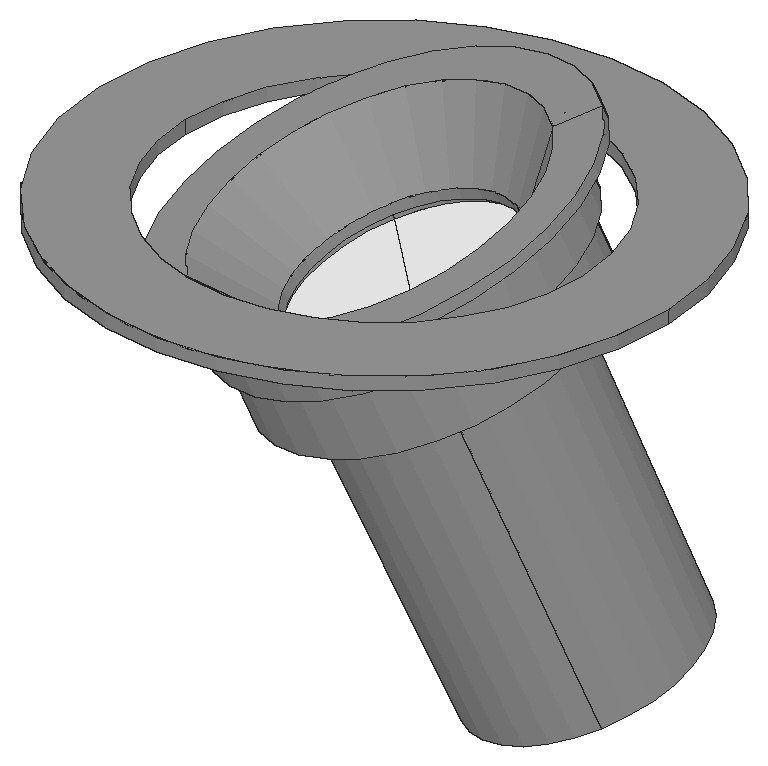
Revit family "0005309", category Lighting Fixtures, host Face, Revit 2017
Family settings
  Host = Face
  Round Connector Dimension = Use Diameter
  Part Type = Normal
  OmniClass Number = 23.80.70.00
  OmniClass Title = Lighting
  Cut with Voids When Loaded = No
  Light Source = No
  Shared = No
  Room Calculation Point = No
Parameters (values of type "0005309+0005306 Ludospot 50 Hous RND 110 CRDNC WHT + Ludospot 50 940lm 940 WB DIM")
  Weight = "n/a"
  Wattage Comments = ""
  WarrantyStartDate [instance] = "n/a"
  WarrantyGuarantorParts = "n/a"
  WarrantyDurationUnit = "n/a"
  WarrantyDurationParts = "n/a"
  WarrantyDescription = "n/a"
  WallThickness_SYL = 2 mm
  Voltage = 0 V
  VerticalRotationMid_SYL [instance] = 112.00°
  URL = "http://www.sylvania-lighting.com"
  TypeName = "Ludospot 50 Hous RND 110 CRDNC WHT + Ludospot 50 940lm 940 WB DIM"
  TypeLamp_SYL = Ludospot 50 Modules : 0005306 Ludospot 50 940lm 940 WB DIM
  Type Image = <None>
  Type Comments = "n/a"
  TrimWidth_SYL = 55 mm
  TrimHeight_SYL = 2.5 mm
  SerialNumber [instance] = "n/a"
  RecessWidth_SYL = 45 mm
  RecessDepth_SYL = 100 mm
  RadiusTrim_SYL = 3 mm
  Material_3_SYL = none
  PowerFactor = 0.9
  PowerConsumption = "12 W"
  NominalLength = 110 mm
  NominalHeight = 0 mm
  NominalDepth = 110 mm
  Name = "Ludospot 50 Hous RND 110 CRDNC WHT + Ludospot 50 940lm 940 WB DIM"
  ModelReference = Name  # "Ludospot 50 Hous RND 110 CRDNC WHT + Ludospot 50 940lm 940 WB DIM"
  ModelNumber = "0005309+0005306"
  Model = Name  # "Ludospot 50 Hous RND 110 CRDNC WHT + Ludospot 50 940lm 940 WB DIM"
  Material = "aluminium housing"
  ManufacturerName = "Feilo Sylvania"
  Manufacturer = "Feilo Sylvania"
  LuminousEfficacy = "78 lm/W"
  LuminaireType = ""
  LightOutputRatio = "n/a"
  LampsType = Lamp  # "LED"
  LampNominalLuminous = "940 lm"
  LampMacAdamStep = "3"
  LampColourTemperature = "4000 K"
  LampColourRenderingIndex = "90"
  Lamp = "LED"
  Keynote = "16500"
  InstallationDate [instance] = "n/a"
  InputVoltage = "220-240 V AC"
  InputNominalFrequency = "50/60 HZ"
  IngressProtection = "IP20"
  ImpactProtectionIndex = "IK03"
  IfcExportType = "IfcLightFixtureType"
  IfcExportAs = "IfcLightFixtureType"
  HorizontalRotationMid_SYL [instance] = 315.00°
  HoleDist_SYL = 220 mm
  EndAngleMid_SYL [instance] = HorizontalRotationMid_SYL + 180.00°  # 495.00°
  ElectricShockClassification = "Class II"
  DocumentationLiterature = "http://www.sylvania-lighting.com/product/en-int/products/0005309"
  DimmingControlOptions = "n/a"
  Material_2_SYL = none
  Description = ""
  Default Elevation = 1219.2 mm
  CreatedOn = "7/29/2019"
  CreatedBy = "@sylvania-lighting.com"
  Cost = 0
  built-in parameter 1114216 [instance] = (empty or 0)
  ClassificationValue = "EF_70_80"
  ClassificationName = "Uniclass2015"
  Material_1_SYL = PC/ABS Plastic
  CircularCutOutDia_SYL = 38.5 mm
  BarCode [instance] = "n/a"
  AssetType = "Fixed"
  AssetIdentifier [instance] = "n/a"
  Assembly Code = "D5020200"
  Apparent Load = 0 VA
  Material_4_SYL = none
Types (6, lengths in mm): name | TypeName | TypeLamp_SYL | Name | ModelReference | ModelNumber | Model | LuminousEfficacy | LampNominalLuminous | LampColourTemperature
  0005309+0005306 Ludospot 50 Hous RND 110 CRDNC WHT + Ludospot 50 940lm 940 WB DIM | "Ludospot 50 Hous RND 110 CRDNC WHT + Ludospot 50 940lm 940 WB DIM" | Ludospot 50 Modules : 0005306 Ludospot 50 940lm 940 WB DIM | "Ludospot 50 Hous RND 110 CRDNC WHT + Ludospot 50 940lm 940 WB DIM" | "Ludospot 50 Hous RND 110 CRDNC WHT + Ludospot 50 940lm 940 WB DIM" | "0005309+0005306" | "Ludospot 50 Hous RND 110 CRDNC WHT + Ludospot 50 940lm 940 WB DIM" | "78 lm/W" | "940 lm" | "4000 K"
  0005309+0005305 Ludospot 50 Hous RND 110 CRDNC WHT + Ludospot 50 920lm 930 WB DIM | "Ludospot 50 Hous RND 110 CRDNC WHT + Ludospot 50 920lm 930 WB DIM" | Ludospot 50 Modules : 0005305 Ludospot 50 920lm 940 WB DIM | "Ludospot 50 Hous RND 110 CRDNC WHT + Ludospot 50 920lm 930 WB DIM" | "Ludospot 50 Hous RND 110 CRDNC WHT + Ludospot 50 920lm 930 WB DIM" | "0005309+0005305" | "Ludospot 50 Hous RND 110 CRDNC WHT + Ludospot 50 920lm 930 WB DIM" | "77 lm/W" | "920 lm" | "3000 K"
  0005309+0005304 Ludospot 50 Hous RND 110 CRDNC WHT + Ludospot 50 1000lm 940 MB DIM | "Ludospot 50 Hous RND 110 CRDNC WHT + Ludospot 50 1000lm 940 MB DIM" | Ludospot 50 Modules : 0005304 Ludospot 50 1000lm 940 MB DIM | "Ludospot 50 Hous RND 110 CRDNC WHT + Ludospot 50 1000lm 940 MB DIM" | "Ludospot 50 Hous RND 110 CRDNC WHT + Ludospot 50 1000lm 940 MB DIM" | "0005309+0005304" | "Ludospot 50 Hous RND 110 CRDNC WHT + Ludospot 50 1000lm 940 MB DIM" | "83 lm/W" | "950 lm" | "4000 K"
  0005309+0005303 Ludospot 50 Hous RND 110 CRDNC WHT + Ludospot 50 950lm 930 MB DIM | "Ludospot 50 Hous RND 110 CRDNC WHT + Ludospot 50 950lm 930 MB DIM" | Ludospot 50 Modules : 0005303 Ludospot 50 950lm 930 MB DIM | "Ludospot 50 Hous RND 110 CRDNC WHT + Ludospot 50 950lm 930 MB DIM" | "Ludospot 50 Hous RND 110 CRDNC WHT + Ludospot 50 950lm 930 MB DIM" | "0005309+0005303" | "Ludospot 50 Hous RND 110 CRDNC WHT + Ludospot 50 950lm 930 MB DIM" | "80 lm/W" | "1000 lm" | "3000 K"
  0005309+0005302 Ludospot 50 Hous RND 110 CRDNC WHT + Ludospot 50 990lm 940 NB DIM | "Ludospot 50 Hous RND 110 CRDNC WHT + Ludospot 50 990lm 940 NB DIM" | Ludospot 50 Modules : 0005302 Ludospot 50 990lm 930 NB DIM | "Ludospot 50 Hous RND 110 CRDNC WHT + Ludospot 50 990lm 940 NB DIM" | "Ludospot 50 Hous RND 110 CRDNC WHT + Ludospot 50 990lm 940 NB DIM" | "0005309+0005302" | "Ludospot 50 Hous RND 110 CRDNC WHT + Ludospot 50 990lm 940 NB DIM" | "83 lm/W" | "990 lm" | "4000 K"
  0005309+0005301 Ludospot 50 Hous RND 110 CRDNC WHT + Ludospot 50 950lm 930 NB DIM | "Ludospot 50 Hous RND 110 CRDNC WHT + Ludospot 50 950lm 930 NB DIM" | Ludospot 50 Modules : 0005301 Ludospot 50 950lm 930 NB DIM | "Ludospot 50 Hous RND 110 CRDNC WHT + Ludospot 50 950lm 930 NB DIM" | "Ludospot 50 Hous RND 110 CRDNC WHT + Ludospot 50 950lm 930 NB DIM" | "0005309+0005301" | "Ludospot 50 Hous RND 110 CRDNC WHT + Ludospot 50 950lm 930 NB DIM" | "80 lm/W" | "950 lm" | "3000 K"
Reference planes
  plane 1 "Center (Front/Back)": y = 0
  plane 2: z = 0
  plane 3 "Center (Left/Right)": x = 0
  plane 4: z = -100
  plane 5: z = 2.5
  plane 6: z = 2.5
  plane 7: z = -18.5
  plane 8: z = -3.5
Forms (mm)
  Extrusion 1, void
    sketch origin (0, 0, 0) x (1, 0, 0) y (0, 1, 0)
      loop
        circle (0, 0) r 45
    from 0 to -100
  Extrusion 2, solid, material "PC/ABS Plastic" <- "Material_1_SYL"
    sketch origin (0, 0, 0) x (1, 0, 0) y (0, 1, 0)
      loop
        circle (0, 0) r 55
    from 0 to 2.5
  Extrusion 3, void
    sketch origin (1223.4, -4572, 2.5) x (-1, 0, 0) y (0, -1, 0)
      loop
        circle (1223.4, -4572) r 38.5
    from 0 to -21
  Revolve 4, solid, not visible
    sketch origin (0, 0, 0) x (1, 0, 0) y (0, 0, 1)
      loop
        line (0, -18.5) -> (0, -28.5) -> (5, -28.5) -> (5, -18.5) -> (0, -18.5)
      axis (0, -18.5) -> (0, -28.5)
    angle from 315 <- "HorizontalRotationMid_SYL" to 495 <- "EndAngleMid_SYL"
Cuts and joins
  Extrusion 3 cuts Extrusion 2
Lines and regions (mm)
  reference lines
    curve 1: circle (0, 0, 2.5) r 38.5 normal (0, 0, -1)
    curve 2: circle (0, 0, 2.5) r 45 normal (0, 0, -1)
    curve 3: circle (0, 0, 2.5) r 55 normal (0, 0, -1)
Dimensions and locks
  "RecessDepth_SYL": plane 2 to plane 4
  "TrimHeight_SYL": plane 5 to plane 2
  locked: plane 6 to plane 8 at 6
  equal spacing: host sketch curve, plane 1 "Center (Front/Back)", host sketch curve
  equal spacing: host sketch curve, plane 3 "Center (Left/Right)", host sketch curve
  "CircularCutOutDia_SYL": radius of curve 1
  "RecessWidth_SYL": radius of curve 2
  "TrimWidth_SYL": radius of curve 3
  aligned and locked: plane 2 to host face
  aligned and locked: level to host face
  aligned and locked: level to Extrusion 1
  aligned and locked: plane 4 to Extrusion 1
  aligned and locked: plane 2 to Extrusion 1
  aligned and locked: Extrusion 2 to plane 5
  aligned and locked: Extrusion 2 to level
  aligned and locked: Extrusion 3 to plane 6
  aligned and locked: plane 7 to Extrusion 3
  aligned and locked: Extrusion 3 sketch curve to curve 1
  aligned and locked: plane 7 to Revolve 4 sketch curve
  aligned and locked: plane 3 "Center (Left/Right)" to Revolve 4 sketch curve
  aligned and locked: Revolve 4 sketch curve to plane 3 "Center (Left/Right)"
  aligned and locked: plane 3 "Center (Left/Right)" to curve 2
  aligned and locked: plane 1 "Center (Front/Back)" to curve 2
  aligned and locked: Extrusion 1 sketch curve to curve 2
  aligned and locked: plane 3 "Center (Left/Right)" to curve 3
  aligned and locked: plane 1 "Center (Front/Back)" to curve 3
  aligned and locked: Extrusion 2 sketch curve to curve 3
Automatic sketch dimensions
  plane 3 "Center (Left/Right)" to Revolve 4 sketch curve = 5 mm
  plane 7 to Revolve 4 sketch curve = 10 mm
  plane 4 to Revolve 4 sketch curve = 509.6 mm
  Revolve 4 sketch curve to plane 5 = 2606.558 mm
  curve 1 to curve 2 = 0 mm  (x2)
Nested families
  nested 1: "VerticalRotation" at (0, 0, -3.5) x (-0.7071, 0.7071, 0) z (-0.7071, -0.7071, 0), VerticalRotation_SYL <- "VerticalRotationMid_SYL", type "Type Name", not visible
    with VerticalRotation_SYL 112.00°, EndAngleV_SYL 292.00°
  nested 2: "Dial" at (0, 0, -3.5) x (0.6556, 0.6556, 0.3746) z (0.2649, 0.2649, -0.9272), type "Type Name"
  nested 3: "Ludospot 50 Modules" at (2.384, 2.384, -11.845) x (0.7071, -0.7071, 0) z (-0.2649, -0.2649, 0.9272), type <- "TypeLamp_SYL", type "0005306 Ludospot 50 940lm 940 WB DIM"
    with WarrantyStartDate "n/a", SerialNumber "n/a", InstallationDate "n/a", built-in parameter 1114216 (empty or 0), BarCode "n/a", AssetIdentifier "n/a"
Definition of nested family "VerticalRotation"
  Parameters (values of type "Type Name")
    VerticalRotation_SYL [instance] = 0.00°
    URL = "http://www.sylvania-lighting.com"
    Type Image = (empty or 0)
    Type Comments = "n/a"
    Material_3_SYL = none
    Model = ""
    Manufacturer = "Feilo Sylvania"
    Keynote = ""
    Material_2_SYL = none
    EndAngleV_SYL [instance] = VerticalRotation_SYL + 180.00°  # 180.00°
    Description = ""
    Default Elevation = 1219.2 mm
    Cost = 0
    Material_1_SYL = none
    Assembly Code = ""
    Material_4_SYL = none
  Reference planes
    plane 1 "Center (Front/Back)": y = 0
    plane 2: z = 0
    plane 3 "Center (Left/Right)": x = 0
  Forms (mm)
    Extrusion 1, solid
      sketch origin (4.2, 0, 0) x (1, 0, 0) y (0, 1, 0)
        loop
          line (-1219.2, 1219.2) -> (-1219.2, -1219.2) -> (1219.2, -1219.2) -> (1219.2, 1219.2) -> (-1219.2, 1219.2)
      from 0 to -68.017
    Revolve 2, solid
      sketch origin (0, 0, 0) x (1, 0, 0) y (0, 1, 0)
        loop
          line (0, 0) -> (25, 0) -> (25, 10) -> (0, 10) -> (0, 0)
        axis (25, 0) -> (0, 0)
      angle from 0 <- "VerticalRotation_SYL" to 180 <- "EndAngleV_SYL"
  Dimensions and locks
    aligned and locked: plane 2 to Extrusion 1
    aligned and locked: level to Extrusion 1
    aligned and locked: Revolve 2 sketch curve to plane 1 "Center (Front/Back)"
Definition of nested family "Dial"
  Parameters (values of type "Type Name")
    URL = "http://www.sylvania-lighting.com"
    Type Image = (empty or 0)
    Type Comments = "n/a"
    Material_3_SYL = none
    Model = ""
    Manufacturer = "Feilo Sylvania"
    Keynote = ""
    Material_2_SYL = none
    Description = ""
    Default Elevation = 1219.2 mm
    Cost = 0
    Material_1_SYL = none
    Assembly Code = ""
    Material_4_SYL = none
  Reference planes
    plane 1 "Center (Front/Back)": y = 0
    plane 2: z = 0
    plane 3 "Center (Left/Right)": x = 0
    plane 4: x = -38.2
    plane 5: x = -30
    plane 6: x = -20
    plane 7: x = -25
    plane 8: z = 7
    plane 9: z = 9
    plane 10: z = 20
    plane 11: z = -6
    plane 12: x = -32.5
    plane 13: z = -4
  Forms (mm)
    Extrusion 1, solid
      sketch origin (4.2, 0, 0) x (1, 0, 0) y (0, 1, 0)
        loop
          line (-1219.2, 1219.2) -> (-1219.2, -1219.2) -> (1219.2, -1219.2) -> (1219.2, 1219.2) -> (-1219.2, 1219.2)
      from 0 to -68.017
    Revolve 2, solid, material <- "Material_1_SYL"
      sketch origin (0, 0, 0) x (1, 0, 0) y (0, 0, 1)
        loop
          line (-25, 20) -> (-30, 20) -> (-30, 7) -> (-32.5, 7) -> (-32.5, -4) -> (-38.2, -4) -> (-38.2, -6) -> (-30, -6) -> (-20, 7) -> (-20, 9) -> (-25, 9) -> (-25, 20)
        axis (0, 20) -> (0, -6)
      angle from 360 to 0
  Dimensions and locks
    locked: plane 2 to plane 11 at 6
    locked: plane 9 to plane 11 at 15
    locked: plane 9 to plane 8 at 2
    locked: plane 10 to plane 11 at 26
    locked: plane 3 "Center (Left/Right)" to plane 4 at 38.2
    locked: plane 3 "Center (Left/Right)" to plane 5 at 30
    locked: plane 3 "Center (Left/Right)" to plane 7 at 25
    locked: plane 3 "Center (Left/Right)" to plane 6 at 20
    locked: plane 3 "Center (Left/Right)" to plane 12 at 32.5
    locked: plane 13 to plane 11 at 2
    aligned and locked: plane 2 to Extrusion 1
    aligned and locked: level to Extrusion 1
    aligned and locked: Revolve 2 sketch curve to plane 3 "Center (Left/Right)"
    aligned and locked: plane 7 to Revolve 2 sketch curve  (x2)
    aligned and locked: Revolve 2 sketch curve to plane 10
    aligned and locked: Revolve 2 sketch curve to plane 5
    aligned and locked: plane 11 to Revolve 2 sketch curve  (x2)
    aligned and locked: Revolve 2 sketch curve to plane 4
    aligned and locked: plane 6 to Revolve 2 sketch curve  (x2)
    aligned and locked: Revolve 2 sketch curve to plane 9
    aligned and locked: plane 12 to Revolve 2 sketch curve
    aligned and locked: plane 8 to Revolve 2 sketch curve
Definition of nested family "Ludospot 50 Modules"
  Parameters (values of type "0005305 Ludospot 50 920lm 940 WB DIM")
    Weight = ""
    Wattage Comments = ""
    Wattage = 12 W
    WarrantyStartDate [instance] = "n/a"
    WarrantyGuarantorParts = "n/a"
    WarrantyDurationUnit = "n/a"
    WarrantyDurationParts = "n/a"
    WarrantyDescription = "n/a"
    built-in parameter 1150110 = 1 (stored number, unit not read)
    Voltage = 220 V
    URL = "http://www.sylvania-lighting.com"
    TypeName = "Ludospot 50 920lm 940 WB DIM"
    Type Image = (empty or 0)
    Type Comments = "n/a"
    built-in parameter 1114217 = 1 (stored number, unit not read)
    Tilt Angle = -90.00°
    built-in parameter 1150109 = 1 (stored number, unit not read)
    built-in parameter 1150134 = (empty or 0)
    built-in parameter 1150113 = 1 (stored number, unit not read)
    SerialNumber [instance] = "n/a"
    Photometric Web File = "0005305.ies"
    Material_3_SYL = none
    PowerFactor = 0.9
    PowerConsumption = "12 W"
    NominalLength = 50 mm
    NominalHeight = 73 mm
    NominalDepth = 50 mm
    Name = "0005305 Ludospot 50 920lm 940 WB DIM"
    ModelReference = Name  # "0005305 Ludospot 50 920lm 940 WB DIM"
    ModelNumber = "0005305"
    Model = Name  # "0005305 Ludospot 50 920lm 940 WB DIM"
    Material = "aluminium housing"
    ManufacturerName = "Feilo Sylvania"
    Manufacturer = "Feilo Sylvania"
    LuminousEfficacy = "77 lm/W"
    built-in parameter 1150105 = 73.53 (stored number, unit not read)
    Lumens = 924 lm
    LuminaireType = ""
    built-in parameter 1150115 = 1 (stored number, unit not read)
    LightOutputRatio = ""
    built-in parameter 1150137 = (empty or 0)
    built-in parameter 1150139 = (empty or 0)
    LampsType = Lamp  # "LED"
    LampNominalLuminous = "920 lm"
    LampMacAdamStep = "3"
    LampColourTemperature = "3000 K"
    LampColourRenderingIndex = "90"
    built-in parameter 1150112 = 1 (stored number, unit not read)
    built-in parameter 1150114 = 1 (stored number, unit not read)
    Lamp = "LED"
    Keynote = "16500"
    InstallationDate [instance] = "n/a"
    InputVoltage = "220-240 V AC"
    InputNominalFrequency = "50/60 HZ"
    built-in parameter 1150132 = (empty or 0)
    built-in parameter 1150102 = (empty or 0)
    built-in parameter 1150107 = 3000 (stored number, unit not read)
    built-in parameter 1150138 = (empty or 0)
    IngressProtection = "IP44/20"
    ImpactProtectionIndex = "IK07"
    built-in parameter 1150106 = 0.7353 (stored number, unit not read)
    IfcExportType = "IfcLightFixtureType"
    IfcExportAs = "IfcLightFixtureType"
    Emit from Circle Diameter = 40 mm
    Emit Shape Visible in Rendering = no
    ElectricShockClassification = "Class II"
    built-in parameter 1150104 = 7.1535 (stored number, unit not read)
    DocumentationLiterature = "https://www.sylvania-lighting.com/product/en-int/products/0005305/"
    DimmingControlOptions = "Mains: leading / trailing edge"
    Material_2_SYL = none
    Dimming Lamp Color Temperature Shift = (empty or 0)
    Description = ""
    Default Elevation = 1219.2 mm
    CreatedOn = ""
    CreatedBy = ""
    Cost = 0
    Color Filter = 16777215
    built-in parameter 1114216 [instance] = (empty or 0)
    ClassificationValue = "EF_70_80"
    ClassificationName = "Uniclass2015"
    Material_1_SYL = none
    BarCode [instance] = "n/a"
    built-in parameter 1114218 = 1 (stored number, unit not read)
    built-in parameter 1150133 = 10 (stored number, unit not read)
    AssetType = ""
    AssetIdentifier [instance] = "n/a"
    Assembly Code = "D5020200"
    Apparent Load = 12 VA
    Material_4_SYL = none
  Types (6, lengths in mm): name | TypeName | built-in parameter 1150134 | Photometric Web File | Name | ModelReference | ModelNumber | Model | LuminousEfficacy | built-in parameter 1150105 | Lumens | LampNominalLuminous | LampColourTemperature | built-in parameter 1150107 | ImpactProtectionIndex | built-in parameter 1150106 | built-in parameter 1150104 | DocumentationLiterature
    0005305 Ludospot 50 920lm 940 WB DIM | "Ludospot 50 920lm 940 WB DIM" | (empty or 0) | "0005305.ies" | "0005305 Ludospot 50 920lm 940 WB DIM" | "0005305 Ludospot 50 920lm 940 WB DIM" | "0005305" | "0005305 Ludospot 50 920lm 940 WB DIM" | "77 lm/W" | 73.53 (stored number, unit not read) | 924 lm | "920 lm" | "3000 K" | 3000 (stored number, unit not read) | "IK07" | 0.7353 (stored number, unit not read) | 7.1535 (stored number, unit not read) | "https://www.sylvania-lighting.com/product/en-int/products/0005305/"
    0005304 Ludospot 50 1000lm 940 MB DIM | "Ludospot 50 1000lm 940 MB DIM" | 12 | "0005304.ies" | "0005304 Ludospot 50 1000lm 940 MB DIM" | "0005304 Ludospot 50 1000lm 940 MB DIM" | "0005304" | "0005304 Ludospot 50 1000lm 940 MB DIM" | "83 lm/W" | 79.259 (stored number, unit not read) | 996 lm | "950 lm" | "4000 K" | 4000 (stored number, unit not read) | "IK06" | 0.79259 (stored number, unit not read) | 7.711 (stored number, unit not read) | "https://www.sylvania-lighting.com/product/en-int/products/0005304/"
    0005303 Ludospot 50 950lm 930 MB DIM | "Ludospot 50 950lm 930 MB DIM" | (empty or 0) | "0005303.ies" | "0005303 Ludospot 50 950lm 930 MB DIM" | "0005303 Ludospot 50 950lm 930 MB DIM" | "0005303" | "0005303 Ludospot 50 950lm 930 MB DIM" | "80 lm/W" | 76.394 (stored number, unit not read) | 960 lm | "1000 lm" | "3000 K" | 3000 (stored number, unit not read) | "IK05" | 0.76394 (stored number, unit not read) | 7.4322 (stored number, unit not read) | "https://www.sylvania-lighting.com/product/en-int/products/0005303/"
    0005302 Ludospot 50 990lm 930 NB DIM | "Ludospot 50 990lm 930 NB DIM" | 12 | "0005302.ies" | "0005302 Ludospot 50 990lm 930 NB DIM" | "0005302 Ludospot 50 990lm 930 NB DIM" | "0005302" | "0005302 Ludospot 50 990lm 930 NB DIM" | "83 lm/W" | 79.259 (stored number, unit not read) | 996 lm | "990 lm" | "4000 K" | 4000 (stored number, unit not read) | "IK04" | 0.79259 (stored number, unit not read) | 7.711 (stored number, unit not read) | "https://www.sylvania-lighting.com/product/en-int/products/0005302/"
    0005301 Ludospot 50 950lm 930 NB DIM | "Ludospot 50 950lm 930 NB DIM" | (empty or 0) | "0005301.ies" | "0005301 Ludospot 50 950lm 930 NB DIM" | "0005301 Ludospot 50 950lm 930 NB DIM" | "0005301" | "0005301 Ludospot 50 950lm 930 NB DIM" | "80 lm/W" | 76.394 (stored number, unit not read) | 960 lm | "950 lm" | "3000 K" | 3000 (stored number, unit not read) | "IK03" | 0.76394 (stored number, unit not read) | 7.4322 (stored number, unit not read) | "https://www.sylvania-lighting.com/product/en-int/products/0005301/"
    0005306 Ludospot 50 940lm 940 WB DIM | "Ludospot 50 940lm 940 WB DIM" | 12 | "0005306.ies" | "0005306 Ludospot 50 940lm 940 WB DIM" | "0005306 Ludospot 50 940lm 940 WB DIM" | "0005306" | "0005306 Ludospot 50 940lm 940 WB DIM" | "78 lm/W" | 74.485 (stored number, unit not read) | 936 lm | "940 lm" | "4000 K" | 4000 (stored number, unit not read) | "IK08" | 0.74485 (stored number, unit not read) | 7.2464 (stored number, unit not read) | "https://www.sylvania-lighting.com/product/en-int/products/0005306/"
  Reference planes
    plane 1 "Center (Front/Back)": y = 0
    plane 2: z = 0
    plane 3 "Center (Left/Right)": x = 0
    plane 4: x = -25
    plane 5: z = -2.7
    plane 6: x = -23.6
    plane 7: z = -3.7
    plane 8: z = -12.7
    plane 9: z = -25.7
    plane 10: x = -22
    plane 11: z = -73
    plane 12: x = -21
    plane 13: z = -1.3
  Forms (mm)
    Extrusion 1, solid
      sketch origin (4.2, 0, 0) x (1, 0, 0) y (0, 1, 0)
        loop
          line (-1219.2, 1219.2) -> (-1219.2, -1219.2) -> (1219.2, -1219.2) -> (1219.2, 1219.2) -> (-1219.2, 1219.2)
      from 0 to -68.017
    Revolve 2, solid, material <- "Material_1_SYL"
      sketch origin (0, 0, 0) x (1, 0, 0) y (0, 0, 1)
        loop
          line (-25, 0) -> (-25, -2.7) -> (-23.6, -2.7) -> (-23.6, -3.7) -> (-22, -12.7) -> (-21, -73) -> (0, -73) -> (0, -1.3) -> (-21, -1.3) -> (-21, 0) -> (-25, 0)
        axis (0, 0) -> (0, -73)
      angle from 360 to 0
  Dimensions and locks
    locked: plane 3 "Center (Left/Right)" to plane 4 at 25
    locked: plane 3 "Center (Left/Right)" to plane 6 at 23.6
    locked: plane 7 to plane 8 at 9
    locked: plane 3 "Center (Left/Right)" to plane 10 at 22
    locked: plane 2 to plane 11 at 73
    locked: plane 3 "Center (Left/Right)" to plane 12 at 21
    plane 2 to plane 13 to plane 5 to plane 7 = 1.3 mm locked, 1.4 mm locked, 1 mm locked
    aligned and locked: plane 2 to Extrusion 1
    aligned and locked: level to Extrusion 1
    aligned and locked: Revolve 2 sketch curve to plane 4
    aligned and locked: plane 5 to Revolve 2 sketch curve
    aligned and locked: Revolve 2 sketch curve to plane 6
    aligned and locked: plane 8 to Revolve 2 sketch curve
    aligned and locked: plane 12 to Revolve 2 sketch curve  (x2)
    aligned and locked: plane 11 to Revolve 2 sketch curve
    aligned and locked: plane 3 "Center (Left/Right)" to Revolve 2 sketch curve
    aligned and locked: Revolve 2 sketch curve to level
    aligned and locked: plane 13 to Revolve 2 sketch curve  (x2)
    aligned and locked: Revolve 2 sketch curve to plane 12
    aligned and locked: level to imposter light
    aligned and locked: plane 3 "Center (Left/Right)" to imposter light
    aligned and locked: imposter light to plane 1 "Center (Front/Back)"
  Connectors
    electrical at (0, 0, -73), driven by "PowerFactor", driven by "Voltage", driven by "Apparent Load"
      settings: on Revolve 2, index 1, voltage 220 V, apparent load 12 VA, apparent load phase1 0 VA, apparent load phase2 0 VA, apparent load phase3 0 VA, power factor 0.9, load classification none, number of poles 1, system type 30, power factor state 1, is connector primary yes, connector utility no, sub classification motor no, connector description ""
